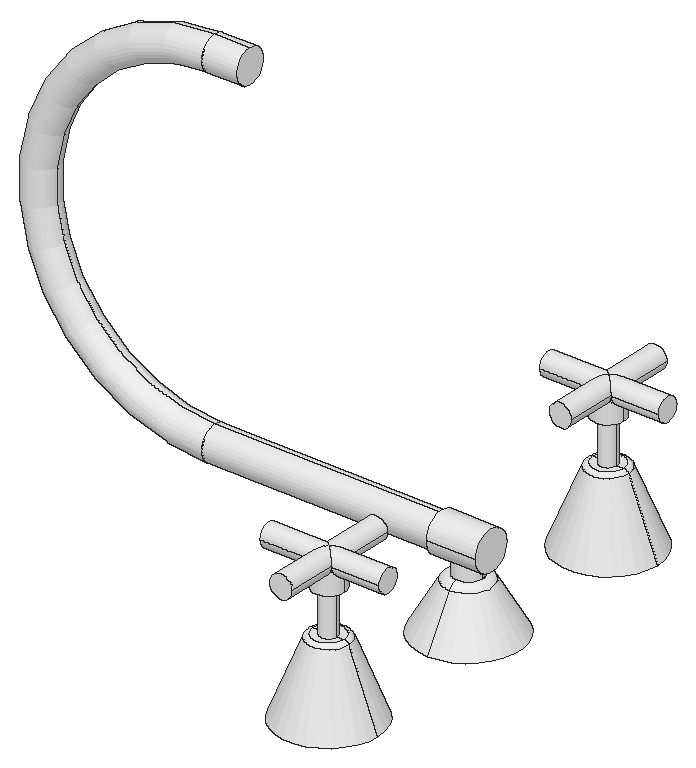
Revit family "Coolibah-Classic-Cross-Laundry-Set-90301C4A", category Plumbing Fixtures, host Face, Revit 2015
Parameters (values of type "Coolibah-Classic-Cross-Laundry-Set-90301C4A")
  Waste Connection = no
  Vent Connection = no
  URL = "https://www.caroma.com.au/"
  Model = "90301C4A"
  Material_Base = GWA_Metal-Chrome
  Manufacturer = "GWA Bathrooms & Kitchens"  # constant formula
  HW Connection = yes
  Description = "Coolibah-Classic-Cross-Laundry-Set"
  Default Elevation = 900 mm
  CreatedBy_ANZRS = "GWA Bathrooms & Kitchens"  # constant formula
  CW Connection = yes
  Assembly Code = "C1030220"
Reference planes
  plane 1 "Center (Front/Back)": y = 0
  plane 2: z = 0
  plane 3 "Center (Left/Right)": x = 0
  plane 4 "left Handle": y = -100
  plane 5 "Right Handle": y = 100
Forms (mm)
  Revolve 1, solid, material "GWA_Metal-Chrome" <- "Material_Base"
    sketch origin (100, -100, 0) x (-1, 0, 0) y (0, 0, 1)
      loop
        line (108.875, 43) -> (100, 43) -> (100, 0) -> (128.25, 0) -> (111.658, 41.123)
        arc (111.658, 41.123) -> (110.554, 42.487) -> (108.875, 43) r 3
      axis (100, 43) -> (100, 0)
    angle from 0 to 360
  Extrusion 2, solid, material "GWA_Metal-Chrome" <- "Material_Base"
    sketch origin (69.75, -100, 0) x (1, 0, 0) y (0, 1, 0)
      loop
        circle (-69.75, 0) r 4.75
    from 43 to 67.3
  Extrusion 3, solid, material "GWA_Metal-Chrome" <- "Material_Base"
    sketch origin (100, -100, 0) x (-1, 0, 0) y (0, 0, 1)
      loop
        circle (100, 82) r 6.4
    from -34 to 34
  Extrusion 4, solid, material "GWA_Metal-Chrome" <- "Material_Base"
    sketch origin (69.75, -100, 0) x (1, 0, 0) y (0, 1, 0)
      loop
        circle (-69.75, 0) r 9
    from 67.3 to 82
  Extrusion 5, solid, material "GWA_Metal-Chrome" <- "Material_Base"
    sketch origin (0, -56.258, 20.139) x (0, 1, 0) y (0, 0, 1)
      loop
        circle (-43.742, 61.861) r 6.4
    from -34 to 34
  Revolve 6, solid, material "GWA_Metal-Chrome" <- "Material_Base"
    sketch origin (0, -170, 0) x (0, 1, 0) y (0, 0, 1)
      loop
        line (170, 0) -> (170, 30) -> (161.966, 30)
        arc (161.966, 30) -> (158.965, 29.195) -> (156.768, 26.997) r 6
        line (156.768, 26.997) -> (141.2, 0) -> (170, 0)
      axis (170, 30) -> (170, 0)
    angle from 0 to 360
  Extrusion 7, solid, material "GWA_Metal-Chrome" <- "Material_Base"
    sketch origin (0, -170, 0) x (1, 0, 0) y (0, 1, 0)
      loop
        circle (0, 170) r 8
    from 30 to 40.098
  Extrusion 8, solid, material "GWA_Metal-Chrome" <- "Material_Base"
    sketch origin (0, -172.094, -0.498) x (0, 1, 0) y (0, 0, 1)
      loop
        circle (172.094, 46.598) r 11.1
    from -15 to 13
  Sweep 9, solid, material "GWA_Metal-Chrome" <- "Material_Base"
    path origin (0, 0, 0) x (1, 0, 0) y (0, 0, 1)
      loop
        line (-15, 46.1) -> (-145, 46.1)
        arc (-145, 46.1) -> (-245, 146.1) -> (-145, 246.1) r 100
        line (-145, 246.1) -> (-125, 246.1)
    profile origin (-245, 0, 146.1) x (-1, 0, 0) y (0, -1, 0)
      loop
        circle (0, 0) r 9.5
  Extrusion 10, solid, material "GWA_Metal-Chrome" <- "Material_Base"
    sketch origin (69.75, 100, 0) x (1, 0, 0) y (0, 1, 0)
      loop
        circle (-69.75, 0) r 4.75
    from 43 to 67.3
  Extrusion 11, solid, material "GWA_Metal-Chrome" <- "Material_Base"
    sketch origin (69.75, 100, 0) x (1, 0, 0) y (0, 1, 0)
      loop
        circle (-69.75, 0) r 9
    from 67.3 to 82
  Extrusion 12, solid, material "GWA_Metal-Chrome" <- "Material_Base"
    sketch origin (0, 143.742, 20.139) x (0, 1, 0) y (0, 0, 1)
      loop
        circle (-43.742, 61.861) r 6.4
    from -34 to 34
  Revolve 13, solid, material "GWA_Metal-Chrome" <- "Material_Base"
    sketch origin (-100, 100, 0) x (-1, 0, 0) y (0, 0, 1)
      loop
        line (-91.125, 43) -> (-100, 43) -> (-100, 0) -> (-71.75, 0) -> (-88.342, 41.123)
        arc (-88.342, 41.123) -> (-89.446, 42.487) -> (-91.125, 43) r 3
      axis (-100, 43) -> (-100, 0)
    angle from 0 to 360
  Extrusion 14, solid, material "GWA_Metal-Chrome" <- "Material_Base"
    sketch origin (-100, 100, 0) x (-1, 0, 0) y (0, 0, 1)
      loop
        circle (-100, 82) r 6.4
    from -34 to 34
Lines and regions (mm)
  Masking region 1
    outline origin (50, -100, 0) x (1, 0, 0) y (0, 1, 0)
      loop
        arc (-22.485, 6.4) -> (-30.024, 19.976) -> (-43.6, 27.515) r 28.25
        line (-43.6, 27.515) -> (-43.6, 34) -> (-56.4, 34) -> (-56.4, 27.515)
        arc (-56.4, 27.515) -> (-69.976, 19.976) -> (-77.515, 6.4) r 28.25
        line (-77.515, 6.4) -> (-84, 6.4) -> (-84, -6.4) -> (-77.515, -6.4)
        arc (-77.515, -6.4) -> (-69.976, -19.976) -> (-56.4, -27.515) r 28.25
        line (-56.4, -27.515) -> (-56.4, -34) -> (-43.6, -34) -> (-43.6, -27.515)
        arc (-43.6, -27.515) -> (-30.024, -19.976) -> (-22.485, -6.4) r 28.25
        line (-22.485, -6.4) -> (-16, -6.4) -> (-16, 6.4) -> (-22.485, 6.4)
  Masking region 2
    outline origin (50, 100, 0) x (1, 0, 0) y (0, 1, 0)
      loop
        arc (-22.485, 6.4) -> (-30.024, 19.976) -> (-43.6, 27.515) r 28.25
        line (-43.6, 27.515) -> (-43.6, 34) -> (-56.4, 34) -> (-56.4, 27.515)
        arc (-56.4, 27.515) -> (-69.976, 19.976) -> (-77.515, 6.4) r 28.25
        line (-77.515, 6.4) -> (-84, 6.4) -> (-84, -6.4) -> (-77.515, -6.4)
        arc (-77.515, -6.4) -> (-69.976, -19.976) -> (-56.4, -27.515) r 28.25
        line (-56.4, -27.515) -> (-56.4, -34) -> (-43.6, -34) -> (-43.6, -27.515)
        arc (-43.6, -27.515) -> (-30.024, -19.976) -> (-22.485, -6.4) r 28.25
        line (-22.485, -6.4) -> (-16, -6.4) -> (-16, 6.4) -> (-22.485, 6.4)
  Masking region 3
    outline origin (0, 0, 0) x (1, 0, 0) y (0, 1, 0)
      loop
        line (-27.188, 9.5) -> (-245, 9.5)
        arc (-245, 9.5) -> (-254.5, 0) -> (-245, -9.5) r 9.5
        line (-245, -9.5) -> (-27.188, -9.5)
        arc (-27.188, -9.5) -> (-16.671, -23.484) -> (0, -28.8) r 28.8
        arc (0, -28.8) -> (28.8, 0) -> (0, 28.8) r 28.8
        arc (0, 28.8) -> (-16.671, 23.484) -> (-27.188, 9.5) r 28.8
  Masking region 4
    outline origin (0, 0, 0) x (1, 0, 0) y (0, 0, 1)
      loop
        line (-125, 236.6) -> (-125, 255.6) -> (-145, 255.6)
        arc (-145, 255.6) -> (-254.5, 146.1) -> (-145, 36.6) r 109.5
        line (-145, 36.6) -> (-15, 36.6) -> (-15, 35) -> (-14.109, 35) -> (-28.25, 0) -> (28.25, 0) -> (13, 37.745) -> (13, 57.2) -> (4.75, 57.2) -> (4.75, 67.3) -> (9, 67.3) -> (9, 75.6) -> (34, 75.6) -> (34, 88.4) -> (-34, 88.4) -> (-34, 75.6) -> (-8.987, 75.6) -> (-8.987, 67.3) -> (-4.75, 67.3) -> (-4.75, 57.2) -> (-15, 57.2) -> (-15, 55.6) -> (-145, 55.6)
        arc (-145, 55.6) -> (-235.5, 146.1) -> (-145, 236.6) r 90.5
        line (-145, 236.6) -> (-125, 236.6)
  Masking region 5
    outline origin (0, 0, 0) x (0, 1, 0) y (0, 0, 1)
      loop
        line (-134, 88.4) -> (-134, 75.6) -> (-109, 75.6) -> (-109, 67.3) -> (-104.75, 67.3) -> (-104.75, 43) -> (-108.853, 43)
        arc (-108.853, 43) -> (-110.531, 42.487) -> (-111.635, 41.124) r 3
        line (-111.635, 41.124) -> (-128.25, 0) -> (-71.75, 0) -> (-88.365, 41.124)
        arc (-88.365, 41.124) -> (-89.469, 42.487) -> (-91.147, 43) r 3
        line (-91.147, 43) -> (-95.25, 43) -> (-95.25, 67.3) -> (-91, 67.3) -> (-91, 75.6) -> (-66, 75.6) -> (-66, 88.4) -> (-134, 88.4)
  Masking region 6
    outline origin (0, 200, 0) x (0, 1, 0) y (0, 0, 1)
      loop
        line (-134, 88.4) -> (-134, 75.6) -> (-109, 75.6) -> (-109, 67.3) -> (-104.75, 67.3) -> (-104.75, 43) -> (-108.853, 43)
        arc (-108.853, 43) -> (-110.531, 42.487) -> (-111.635, 41.124) r 3
        line (-111.635, 41.124) -> (-128.25, 0) -> (-71.75, 0) -> (-88.365, 41.124)
        arc (-88.365, 41.124) -> (-89.469, 42.487) -> (-91.147, 43) r 3
        line (-91.147, 43) -> (-95.25, 43) -> (-95.25, 67.3) -> (-91, 67.3) -> (-91, 75.6) -> (-66, 75.6) -> (-66, 88.4) -> (-134, 88.4)
  Masking region 7
    outline origin (0, 0, 0) x (0, 1, 0) y (0, 0, 1)
      loop
        line (-9.5, 246.1) -> (-9.5, 51.841)
        arc (-9.5, 51.841) -> (-10.693, 49.08) -> (-11.1, 46.1) r 11.1
        arc (-11.1, 46.1) -> (-10.301, 41.966) -> (-8.02, 38.427) r 11.1
        line (-8.02, 38.427) -> (-8.02, 29.991)
        arc (-8.02, 29.991) -> (-11.02, 29.187) -> (-13.217, 26.991) r 6
        line (-13.217, 26.991) -> (-28.8, 0) -> (28.8, 0) -> (13.217, 26.991)
        arc (13.217, 26.991) -> (11.02, 29.187) -> (8.02, 29.991) r 6
        line (8.02, 29.991) -> (8.02, 38.427)
        arc (8.02, 38.427) -> (10.301, 41.966) -> (11.1, 46.1) r 11.1
        arc (11.1, 46.1) -> (10.693, 49.08) -> (9.5, 51.841) r 11.1
        line (9.5, 51.841) -> (9.5, 246.1)
        arc (9.5, 246.1) -> (0, 255.6) -> (-9.5, 246.1) r 9.5
  symbolic lines
    curve 1: line (-6.4, -66, 0) -> (6.4, -66, 0)
    curve 2: line (6.4, -66, 0) -> (6.4, -93.6, 0)
    curve 3: line (6.4, -134, 0) -> (-6.4, -134, 0)
    curve 4: line (-6.4, -134, 0) -> (-6.4, -106.4, 0)
    curve 5: line (-34, -93.6, 0) -> (-6.4, -93.6, 0)
    curve 6: line (34, -93.6, 0) -> (34, -106.4, 0)
    curve 7: line (34, -106.4, 0) -> (6.4, -106.4, 0)
    curve 8: line (-34, -106.4, 0) -> (-34, -93.6, 0)
    curve 9: line (6.4, -106.4, 0) -> (6.4, -134, 0)
    curve 10: line (-6.4, -93.6, 0) -> (-6.4, -66, 0)
    curve 11: line (6.4, -93.6, 0) -> (34, -93.6, 0)
    curve 12: line (-6.4, -106.4, 0) -> (-34, -106.4, 0)
    curve 13: line (34, 0, 88.4) -> (-34, 0, 88.4)
    curve 14: line (-34, 0, 88.4) -> (-34, 0, 75.6)
    curve 15: line (-34, 0, 75.6) -> (-8.987, 0, 75.6)
    curve 16: line (34, 0, 75.6) -> (34, 0, 88.4)
    curve 17: arc (-6.4, 0, 82) -> (-7.178, 0, 78.592) -> (-8.987, 0, 75.6) r 11
    curve 18: arc (6.4, 0, 82) -> (7.178, 0, 78.592) -> (8.986, 0, 75.6) r 11
    curve 19: line (-8.987, 0, 75.6) -> (-8.987, 0, 67.3)
    curve 20: line (-8.987, 0, 67.3) -> (9, 0, 67.3)
    curve 21: line (9, 0, 67.3) -> (9, 0, 75.6)
    curve 22: line (4.75, 0, 67.3) -> (4.75, 0, 43)
    curve 23: line (-4.75, 0, 67.3) -> (-4.75, 0, 43)
    curve 24: circle (0, 0, 82) r 6.4 normal (0, -1, 0)
    curve 25: line (8.986, 0, 75.6) -> (34, 0, 75.6)
    curve 26: arc (27.515, -93.6, 0) -> (19.976, -80.024, 0) -> (6.4, -72.485, 0) r 28.25
    curve 27: arc (-27.515, -106.4, 0) -> (-19.976, -119.976, 0) -> (-6.4, -127.515, 0) r 28.25
    curve 28: arc (6.4, -127.515, 0) -> (19.976, -119.976, 0) -> (27.515, -106.4, 0) r 28.25
    curve 29: arc (-6.4, -72.485, 0) -> (-19.976, -80.024, 0) -> (-27.515, -93.6, 0) r 28.25
    curve 30: line (-34, 106.4, 0) -> (-6.4, 106.4, 0)
    curve 31: line (34, 106.4, 0) -> (34, 93.6, 0)
    curve 32: line (34, 93.6, 0) -> (6.4, 93.6, 0)
    curve 33: line (-34, 93.6, 0) -> (-34, 106.4, 0)
    curve 34: line (6.4, 106.4, 0) -> (34, 106.4, 0)
    curve 35: line (-6.4, 93.6, 0) -> (-34, 93.6, 0)
    curve 36: line (-6.4, 134, 0) -> (6.4, 134, 0)
    curve 37: line (6.4, 134, 0) -> (6.4, 106.4, 0)
    curve 38: line (6.4, 66, 0) -> (-6.4, 66, 0)
    curve 39: line (-6.4, 66, 0) -> (-6.4, 93.6, 0)
    curve 40: line (-34, 106.4, 0) -> (-6.4, 106.4, 0)
    curve 41: line (34, 106.4, 0) -> (34, 93.6, 0)
    curve 42: line (34, 93.6, 0) -> (6.4, 93.6, 0)
    curve 43: line (-34, 93.6, 0) -> (-34, 106.4, 0)
    curve 44: line (6.4, 93.6, 0) -> (6.4, 66, 0)
    curve 45: line (-6.4, 106.4, 0) -> (-6.4, 134, 0)
    curve 46: line (6.4, 106.4, 0) -> (34, 106.4, 0)
    curve 47: line (-6.4, 93.6, 0) -> (-34, 93.6, 0)
    curve 48: arc (27.515, 106.4, 0) -> (19.976, 119.976, 0) -> (6.4, 127.515, 0) r 28.25
    curve 49: arc (-27.515, 93.6, 0) -> (-19.976, 80.024, 0) -> (-6.4, 72.485, 0) r 28.25
    curve 50: arc (6.4, 72.485, 0) -> (19.976, 80.024, 0) -> (27.515, 93.6, 0) r 28.25
    curve 51: line (-15, 11.1, 0) -> (-15, -11.1, 0)
    curve 52: line (-15, -11.1, 0) -> (13, -11.1, 0)
    curve 53: line (13, -11.1, 0) -> (13, 11.1, 0)
    curve 54: line (13, 11.1, 0) -> (-15, 11.1, 0)
    curve 55: arc (-245, 9.5, 0) -> (-254.5, 0, 0) -> (-245, -9.5, 0) r 9.5
    curve 56: line (-245, 9.5, 0) -> (-15, 9.5, 0)
    curve 57: line (-245, -9.5, 0) -> (-15, -9.5, 0)
    curve 58: line (-125, 9.5, 0) -> (-125, -9.5, 0)
    curve 59: arc (0, 28.8, 0) -> (28.8, 0, 0) -> (0, -28.8, 0) r 28.8
    curve 60: arc (0, -28.8, 0) -> (-16.671, -23.484, 0) -> (-27.188, -9.5, 0) r 28.8
    curve 61: arc (-27.188, 9.5, 0) -> (-16.671, 23.484, 0) -> (0, 28.8, 0) r 28.8
    curve 62: line (8.853, 0, 43) -> (-8.853, 0, 43)
    curve 63: line (28.25, 0, 0) -> (-28.25, 0, 0)
    curve 64: line (-28.25, 0, 0) -> (-11.635, 0, 41.124)
    curve 65: arc (-11.635, 0, 41.124) -> (-10.531, 0, 42.487) -> (-8.853, 0, 43) r 3
    curve 66: line (28.25, 0, 0) -> (11.635, 0, 41.124)
    curve 67: arc (11.635, 0, 41.124) -> (10.531, 0, 42.487) -> (8.853, 0, 43) r 3
    curve 68: line (-15, 0, 57.2) -> (-4.75, 0, 57.2)
    curve 69: line (13, 0, 57.2) -> (13, 0, 37.745)
    curve 70: line (-15, 0, 57.2) -> (-15, 0, 35)
    curve 71: line (-15, 0, 35) -> (-14.109, 0, 35)
    curve 72: line (-125, 0, 255.6) -> (-125, 0, 236.6)
    curve 73: arc (-145, 0, 255.6) -> (-254.5, 0, 146.1) -> (-145, 0, 36.6) r 109.5
    curve 74: arc (-145, 0, 236.6) -> (-235.5, 0, 146.1) -> (-145, 0, 55.6) r 90.5
    curve 75: line (-145, 0, 236.6) -> (-125, 0, 236.6)
    curve 76: line (-145, 0, 255.6) -> (-125, 0, 255.6)
    curve 77: line (-145, 0, 55.6) -> (-15, 0, 55.6)
    curve 78: line (-145, 0, 36.6) -> (-15, 0, 36.6)
    curve 79: line (4.75, 0, 57.2) -> (13, 0, 57.2)
    curve 80: line (0, -128.25, 0) -> (0, -111.635, 41.124)
    curve 81: line (0, -108.853, 43) -> (0, -91.147, 43)
    curve 82: line (0, -104.75, 43) -> (0, -104.75, 67.3)
    curve 83: line (0, -91, 67.3) -> (0, -109, 67.3)
    curve 84: line (0, -95.25, 67.3) -> (0, -95.25, 43)
    curve 85: line (0, -134, 88.4) -> (0, -66, 88.4)
    curve 86: line (0, -66, 88.4) -> (0, -66, 75.6)
    curve 87: line (0, -66, 75.6) -> (0, -91, 75.6)
    curve 88: line (0, -91, 75.6) -> (0, -91, 67.3)
    curve 89: line (0, -134, 88.4) -> (0, -134, 75.6)
    curve 90: line (0, -134, 75.6) -> (0, -109, 75.6)
    curve 91: line (0, -109, 75.6) -> (0, -109, 67.3)
    curve 92: arc (0, -106.4, 82) -> (0, -107.185, 78.591) -> (0, -109, 75.6) r 11
    curve 93: arc (0, -93.6, 82) -> (0, -92.815, 78.591) -> (0, -91, 75.6) r 11
    curve 94: circle (0, -100, 82) r 6.4 normal (1, 0, 0)
    curve 95: line (0, -71.75, 0) -> (0, -88.365, 41.124)
    curve 96: arc (0, -108.853, 43) -> (0, -110.531, 42.487) -> (0, -111.635, 41.124) r 3
    curve 97: arc (0, -91.147, 43) -> (0, -89.469, 42.487) -> (0, -88.365, 41.124) r 3
    curve 98: line (0, -128.25, 0) -> (0, -71.75, 0)
    curve 99: line (0, 71.75, 0) -> (0, 88.365, 41.124)
    curve 100: line (0, 91.147, 43) -> (0, 108.853, 43)
    curve 101: line (0, 95.25, 43) -> (0, 95.25, 67.3)
    curve 102: line (0, 109, 67.3) -> (0, 91, 67.3)
    curve 103: line (0, 104.75, 67.3) -> (0, 104.75, 43)
    curve 104: line (0, 66, 88.4) -> (0, 134, 88.4)
    curve 105: line (0, 134, 88.4) -> (0, 134, 75.6)
    curve 106: line (0, 134, 75.6) -> (0, 109, 75.6)
    curve 107: line (0, 109, 75.6) -> (0, 109, 67.3)
    curve 108: line (0, 66, 88.4) -> (0, 66, 75.6)
    curve 109: line (0, 66, 75.6) -> (0, 91, 75.6)
    curve 110: line (0, 91, 75.6) -> (0, 91, 67.3)
    curve 111: arc (0, 93.6, 82) -> (0, 92.815, 78.591) -> (0, 91, 75.6) r 11
    curve 112: arc (0, 106.4, 82) -> (0, 107.185, 78.591) -> (0, 109, 75.6) r 11
    curve 113: circle (0, 100, 82) r 6.4 normal (1, 0, 0)
    curve 114: line (0, 128.25, 0) -> (0, 111.635, 41.124)
    curve 115: arc (0, 91.147, 43) -> (0, 89.469, 42.487) -> (0, 88.365, 41.124) r 3
    curve 116: arc (0, 108.853, 43) -> (0, 110.531, 42.487) -> (0, 111.635, 41.124) r 3
    curve 117: line (0, 71.75, 0) -> (0, 128.25, 0)
    curve 118: line (0, -8.02, 29.991) -> (0, 8.02, 29.991)
    curve 119: line (0, -28.8, 0) -> (0, -13.217, 26.991)
    curve 120: arc (0, -13.217, 26.991) -> (0, -11.02, 29.187) -> (0, -8.02, 29.991) r 6
    curve 121: line (0, 28.8, 0) -> (0, 13.217, 26.991)
    curve 122: arc (0, 8.02, 29.991) -> (0, 11.02, 29.187) -> (0, 13.217, 26.991) r 6
    curve 123: circle (0, 0, 46.1) r 11.1 normal (1, 0, 0)
    curve 124: line (0, 8.02, 29.991) -> (0, 8.02, 38.427)
    curve 125: line (0, -8.02, 29.991) -> (0, -8.02, 38.427)
    curve 126: line (0, 9.5, 246.1) -> (0, 9.5, 51.841)
    curve 127: line (0, -9.5, 246.1) -> (0, -9.5, 51.841)
    curve 128: arc (0, -9.5, 246.1) -> (0, 0, 255.6) -> (0, 9.5, 246.1) r 9.5
Dimensions and locks
  aligned and locked: plane 2 to host face
  aligned and locked: level to host face
  aligned and locked: Masking region 4 sketch curve to curve 77
Connectors
  piping at (0, -100, 0), diameter 20
    settings: index 2, connector inside diameter 609.6 mm, connector length 0 mm, flow factor 0, pipe flow 0.0 L/s, pressure drop 0.0 Pa, fitting loss kfactor 0, connector angle 0.00°, fixture units 0, engagement length 0 mm, angle of deflection 0.00°, flow configuration 3, flow direction 1, fitting loss method 0, system type 19, joint type 0, gender type 0, connector reference index -1, connector utility 0, adjustable connector no, is connector primary yes, connector description ""
  piping at (0, 100, 0), diameter 20
    settings: index 3, connector inside diameter 609.6 mm, connector length 0 mm, flow factor 0, pipe flow 0.0 L/s, pressure drop 0.0 Pa, fitting loss kfactor 0, connector angle 0.00°, fixture units 0, engagement length 0 mm, angle of deflection 0.00°, flow configuration 3, flow direction 1, fitting loss method 0, system type 20, joint type 0, gender type 0, connector reference index -1, connector utility 0, adjustable connector no, is connector primary no, connector description ""
